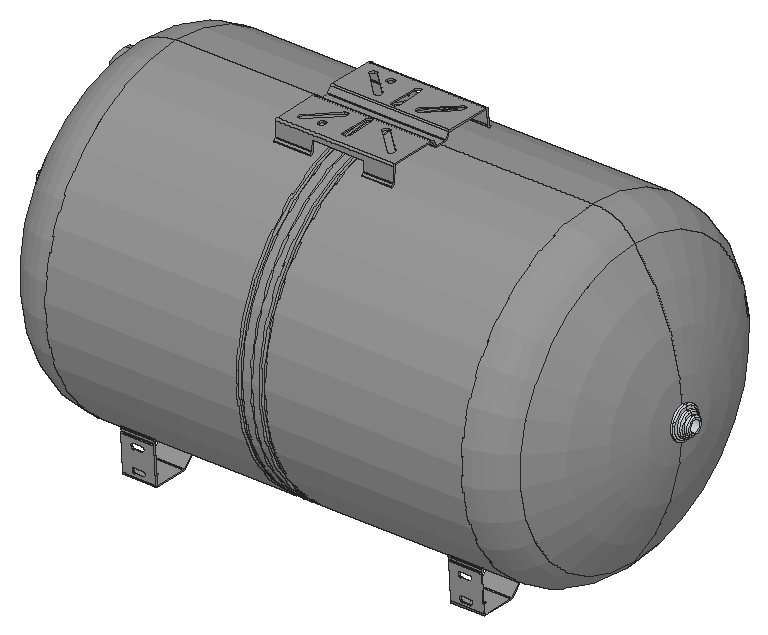
Revit family "WAO 150", category Оборудование, Revit 2014
Parameters
  Описание = "Мембранный бак для водоснабжения V=150л, Py=10бар, 1\""
  Материал крышки = Черная резина
  Материал = Синяя краска
  Масса кг = "21.5"
  Крышка [instance] = yes
  Комментарии к типоразмеру = "WAO 150"
  Изготовитель = "WESTER"  # constant formula
  URL = "http://www.wester.su/"
Reference planes
  plane 1 "По центру (Вперед/Назад)": y = 0
  plane 2: z = 0
  plane 3 "По центру (Влево/Вправо)": x = 0
  plane 4: z = 260
Forms (mm)
  Revolve 1, solid, material "Синяя краска" <- "Материал"
    sketch origin (0, 0, 39.5) x (1, 0, 0) y (0, 0, 1)
      loop
        line (317.964, 467.986) -> (20.716, 467.986)
        arc (20.716, 467.986) -> (19.238, 467.601) -> (18.135, 466.545) r 3.031
        arc (18.135, 466.545) -> (15.99, 465.355) -> (13.844, 466.545) r 2.53
        arc (13.844, 466.545) -> (12.73, 467.602) -> (11.244, 467.986) r 3.066
        line (11.244, 467.986) -> (1.099, 467.986)
        arc (1.099, 467.986) -> (0.048, 468.373) -> (-1.004, 467.986) r 1.624
        line (-1.004, 467.986) -> (-13.274, 467.986)
        arc (-13.274, 467.986) -> (-14.758, 467.599) -> (-15.863, 466.536) r 3.037
        arc (-15.863, 466.536) -> (-18.015, 465.322) -> (-20.168, 466.536) r 2.516
        arc (-20.168, 466.536) -> (-21.264, 467.599) -> (-22.741, 467.986) r 3.007
        line (-22.741, 467.986) -> (-311.453, 467.986)
        arc (-311.453, 467.986) -> (-346.296, 459.995) -> (-374.173, 437.617) r 79.952
        arc (-374.173, 437.617) -> (-418.959, 363.824) -> (-444.348, 281.322) r 350.458
        line (-444.348, 281.322) -> (-457.655, 268.015) -> (-457.655, 220.5) -> (455.389, 220.5)
        arc (455.389, 220.5) -> (435.87, 334.259) -> (381.769, 436.215) r 364.586
        arc (381.769, 436.215) -> (353.602, 459.604) -> (317.964, 467.986) r 79.955
      axis (-457.655, 220.5) -> (455.389, 220.5)
    angle from 0 to 360
  Revolve 2, solid
    sketch origin (-230.71, 0, 98.449) x (1, 0, 0) y (0, 0, 1)
      loop
        line (-267.445, 175.601) -> (-267.445, 174.782) -> (-239.445, 174.782) -> (-239.445, 161.5) -> (-226.945, 161.5) -> (-226.945, 231.551) -> (-228.445, 231.551) -> (-228.445, 235.304) -> (-235.411, 234.694)
        arc (-235.411, 234.694) -> (-238.29, 233.199) -> (-239.445, 230.167) r 4.557
        line (-239.445, 230.167) -> (-239.445, 209.701) -> (-235.342, 197.341)
        arc (-235.342, 197.341) -> (-234.952, 195.475) -> (-235.342, 193.608) r 4.663
        line (-235.342, 193.608) -> (-239.445, 180.189) -> (-239.445, 179.405)
        arc (-239.445, 179.405) -> (-240.671, 179.079) -> (-241.484, 178.103) r 2.095
        line (-241.484, 178.103) -> (-264.942, 178.103) -> (-267.445, 175.601)
      axis (-267.445, 161.5) -> (-226.945, 161.5)
    angle from 0 to 360
  Extrusion 3, solid, material "Синяя краска" <- "Материал"
    sketch origin (0, -0.312, 206) x (0, 1, 0) y (0, 0, 1)
      loop
        line (93.539, 284.746) -> (90.184, 287.436)
        arc (90.184, 287.436) -> (89.777, 287.943) -> (89.622, 288.574) r 1.5
        line (89.622, 288.574) -> (89.161, 310.065)
        arc (89.161, 310.065) -> (88.26, 312.144) -> (86.161, 313) r 3
        line (86.161, 313) -> (16.699, 313)
        arc (16.699, 313) -> (15.22, 312.611) -> (14.126, 311.543) r 3
        line (14.126, 311.543) -> (9.437, 303.728)
        arc (9.437, 303.728) -> (8.89, 303.195) -> (8.151, 303) r 1.5
        line (8.151, 303) -> (-8.151, 303)
        arc (-8.151, 303) -> (-8.89, 303.195) -> (-9.437, 303.728) r 1.5
        line (-9.437, 303.728) -> (-14.126, 311.543)
        arc (-14.126, 311.543) -> (-15.22, 312.611) -> (-16.699, 313) r 3
        line (-16.699, 313) -> (-86.149, 313)
        arc (-86.149, 313) -> (-88.247, 312.144) -> (-89.149, 310.065) r 3
        line (-89.149, 310.065) -> (-89.621, 288.314)
        arc (-89.621, 288.314) -> (-89.775, 287.683) -> (-90.182, 287.176) r 1.5
        line (-90.182, 287.176) -> (-93.537, 284.486) -> (-92.599, 283.316) -> (-89.244, 286.006)
        arc (-89.244, 286.006) -> (-88.43, 287.019) -> (-88.121, 288.282) r 3
        line (-88.121, 288.282) -> (-87.649, 310.033)
        arc (-87.649, 310.033) -> (-87.198, 311.072) -> (-86.149, 311.5) r 1.5
        line (-86.149, 311.5) -> (-16.699, 311.5)
        arc (-16.699, 311.5) -> (-15.96, 311.305) -> (-15.412, 310.772) r 1.5
        line (-15.412, 310.772) -> (-10.723, 302.957)
        arc (-10.723, 302.957) -> (-9.629, 301.889) -> (-8.151, 301.5) r 3
        line (-8.151, 301.5) -> (8.151, 301.5)
        arc (8.151, 301.5) -> (9.629, 301.889) -> (10.723, 302.957) r 3
        line (10.723, 302.957) -> (15.412, 310.772)
        arc (15.412, 310.772) -> (15.96, 311.305) -> (16.699, 311.5) r 1.5
        line (16.699, 311.5) -> (86.161, 311.5)
        arc (86.161, 311.5) -> (87.21, 311.072) -> (87.661, 310.032) r 1.5
        line (87.661, 310.032) -> (88.123, 288.542)
        arc (88.123, 288.542) -> (88.432, 287.279) -> (89.246, 286.266) r 3
        line (89.246, 286.266) -> (92.601, 283.576) -> (93.539, 284.746)
    from -89 to 89
  Extrusion 4, void
    sketch origin (3.445, 0, 0) x (1, 0, 0) y (0, 1, 0)
      loop
        arc (-66.306, 70.639) -> (-74.084, 70.639) -> (-74.084, 62.861) r 5.5
        line (-74.084, 62.861) -> (-39.436, 28.213)
        arc (-39.436, 28.213) -> (-31.657, 28.213) -> (-31.657, 35.991) r 5.5
        line (-31.657, 35.991) -> (-66.306, 70.639)
      loop
        arc (24.768, 35.991) -> (24.768, 28.213) -> (32.546, 28.213) r 5.5
        line (32.546, 28.213) -> (67.194, 62.861)
        arc (67.194, 62.861) -> (67.194, 70.639) -> (59.416, 70.639) r 5.5
        line (59.416, 70.639) -> (24.768, 35.991)
      loop
        arc (-8.945, 25.75) -> (-3.445, 20.25) -> (2.055, 25.75) r 5.5
        line (2.055, 25.75) -> (2.055, 66.75)
        arc (2.055, 66.75) -> (-3.445, 72.25) -> (-8.945, 66.75) r 5.5
        line (-8.945, 66.75) -> (-8.945, 25.75)
      loop
        arc (-31.657, -35.991) -> (-31.657, -28.213) -> (-39.436, -28.213) r 5.5
        line (-39.436, -28.213) -> (-74.084, -62.861)
        arc (-74.084, -62.861) -> (-74.084, -70.639) -> (-66.306, -70.639) r 5.5
        line (-66.306, -70.639) -> (-31.657, -35.991)
      loop
        line (24.768, -35.991) -> (59.416, -70.639)
        arc (59.416, -70.639) -> (67.194, -70.639) -> (67.194, -62.861) r 5.5
        line (67.194, -62.861) -> (32.546, -28.213)
        arc (32.546, -28.213) -> (24.768, -28.213) -> (24.768, -35.991) r 5.5
      loop
        line (-8.945, -25.75) -> (-8.945, -66.75)
        arc (-8.945, -66.75) -> (-3.445, -72.25) -> (2.055, -66.75) r 5.5
        line (2.055, -66.75) -> (2.055, -25.75)
        arc (2.055, -25.75) -> (-3.445, -20.25) -> (-8.945, -25.75) r 5.5
      loop
        circle (-42.347, 64.994) r 5.559
      loop
        circle (-42.347, -64.994) r 5.559
    from 517.5 to 519
  Extrusion 5, void
    sketch origin (0, 0, 0) x (1, 0, 0) y (0, 1, 0)
      loop
        arc (-239.657, 125.595) -> (-235.157, 130.095) -> (-239.657, 134.595) r 4.5
        line (-239.657, 134.595) -> (-250.769, 134.595)
        arc (-250.769, 134.595) -> (-255.269, 130.095) -> (-250.769, 125.595) r 4.5
        line (-250.769, 125.595) -> (-239.657, 125.595)
      loop
        line (-250.655, -134.497) -> (-239.569, -134.497)
        arc (-239.569, -134.497) -> (-235.069, -129.997) -> (-239.569, -125.497) r 4.5
        line (-239.569, -125.497) -> (-250.655, -125.497)
        arc (-250.655, -125.497) -> (-255.155, -129.997) -> (-250.655, -134.497) r 4.5
      loop
        arc (255.347, 125.451) -> (259.847, 129.951) -> (255.347, 134.451) r 4.5
        line (255.347, 134.451) -> (244.34, 134.451)
        arc (244.34, 134.451) -> (239.84, 129.951) -> (244.34, 125.451) r 4.5
        line (244.34, 125.451) -> (255.347, 125.451)
      loop
        line (255.352, -125.561) -> (244.345, -125.561)
        arc (244.345, -125.561) -> (239.845, -130.061) -> (244.345, -134.561) r 4.5
        line (244.345, -134.561) -> (255.352, -134.561)
        arc (255.352, -134.561) -> (259.852, -130.061) -> (255.352, -125.561) r 4.5
    from 0 to 14.349
  Extrusion 6, void
    sketch origin (10.829, 0, -0.211) x (1, 0, 0) y (0, 0, 1)
      loop
        arc (-250.483, 42.509) -> (-245.983, 47.009) -> (-250.483, 51.509) r 4.5
        line (-250.483, 51.509) -> (-261.483, 51.509)
        arc (-261.483, 51.509) -> (-265.983, 47.009) -> (-261.483, 42.509) r 4.5
        line (-261.483, 42.509) -> (-250.483, 42.509)
      loop
        line (-250.483, 17.513) -> (-261.483, 17.513)
        arc (-261.483, 17.513) -> (-265.983, 13.013) -> (-261.483, 8.513) r 4.5
        line (-261.483, 8.513) -> (-250.483, 8.513)
        arc (-250.483, 8.513) -> (-245.983, 13.013) -> (-250.483, 17.513) r 4.5
      loop
        line (233.517, 8.513) -> (244.517, 8.513)
        arc (244.517, 8.513) -> (249.017, 13.013) -> (244.517, 17.513) r 4.5
        line (244.517, 17.513) -> (233.517, 17.513)
        arc (233.517, 17.513) -> (229.017, 13.013) -> (233.517, 8.513) r 4.5
      loop
        arc (244.517, 42.509) -> (249.017, 47.009) -> (244.517, 51.509) r 4.5
        line (244.517, 51.509) -> (233.517, 51.509)
        arc (233.517, 51.509) -> (229.017, 47.009) -> (233.517, 42.509) r 4.5
        line (233.517, 42.509) -> (244.517, 42.509)
    from 141.199 to 164.086
  Extrusion 7, void
    sketch origin (10.829, 0, -0.211) x (1, 0, 0) y (0, 0, -1)
      loop
        line (-250.483, -42.509) -> (-261.483, -42.509)
        arc (-261.483, -42.509) -> (-265.983, -47.009) -> (-261.483, -51.509) r 4.5
        line (-261.483, -51.509) -> (-250.483, -51.509)
        arc (-250.483, -51.509) -> (-245.983, -47.009) -> (-250.483, -42.509) r 4.5
      loop
        arc (-250.483, -17.513) -> (-245.983, -13.013) -> (-250.483, -8.513) r 4.5
        line (-250.483, -8.513) -> (-261.483, -8.513)
        arc (-261.483, -8.513) -> (-265.983, -13.013) -> (-261.483, -17.513) r 4.5
        line (-261.483, -17.513) -> (-250.483, -17.513)
      loop
        arc (233.517, -8.513) -> (229.017, -13.013) -> (233.517, -17.513) r 4.5
        line (233.517, -17.513) -> (244.517, -17.513)
        arc (244.517, -17.513) -> (249.017, -13.013) -> (244.517, -8.513) r 4.5
        line (244.517, -8.513) -> (233.517, -8.513)
      loop
        line (244.517, -42.509) -> (233.517, -42.509)
        arc (233.517, -42.509) -> (229.017, -47.009) -> (233.517, -51.509) r 4.5
        line (233.517, -51.509) -> (244.517, -51.509)
        arc (244.517, -51.509) -> (249.017, -47.009) -> (244.517, -42.509) r 4.5
    from 144.557 to 162.737
  Revolve 8, solid
    sketch origin (-117.374, 0, 465.663) x (-0.829038, 0, 0.559193) y (-0.559193, 0, -0.829038)
      loop
        line (225.528, 165.524) -> (214.055, 165.524) -> (214.055, 166.998) -> (209.555, 166.998) -> (209.555, 161.5) -> (222.75, 161.5) -> (222.75, 163.617) -> (226.555, 163.617) -> (226.555, 164.497) -> (225.528, 165.524)
      axis (209.555, 161.5) -> (226.555, 161.5)
    angle from 0 to 360
  Revolve 9, void
    sketch origin (-131.303, 0, 55.999) x (0.99863, 0, -0.052336) y (0.052336, 0, 0.99863)
      loop
        line (-269.759, 379.194) -> (-266.753, 384.401)
        arc (-266.753, 384.401) -> (-266.661, 391.419) -> (-267.82, 398.342) r 39.261
        arc (-267.82, 398.342) -> (-268.114, 401.282) -> (-267.49, 404.17) r 9.509
        arc (-267.49, 404.17) -> (-274.548, 395.291) -> (-280.803, 385.83) r 129.609
        line (-280.803, 385.83) -> (-269.759, 379.194)
      axis (-280.803, 385.83) -> (-269.759, 379.194)
    angle from 0 to 360
  Revolve 10, solid
    sketch origin (136.5, 0, 0) x (1, 0, 0) y (0, 0, 1)
      loop
        line (301.845, 262) -> (301.845, 259.949) -> (322.302, 259.949) -> (322.302, 269.312) -> (336.39, 269.312) -> (336.39, 271.214) -> (334.406, 273.198) -> (329.891, 273.198) -> (329.891, 276.16) -> (328.27, 278.475) -> (323.391, 278.475) -> (323.391, 282.089)
        arc (323.391, 282.089) -> (322.825, 283.456) -> (321.458, 284.022) r 1.933
        line (321.458, 284.022) -> (318.435, 284.022) -> (318.435, 268.66) -> (310.345, 268.66) -> (306.184, 262) -> (301.845, 262)
      axis (301.845, 259.949) -> (336.39, 259.949)
    angle from 0 to 360
  Extrusion 11, void
    sketch origin (0, 0, 0) x (0, 1, 0) y (0, 0, 1)
      loop
        line (88.933, 492.266) -> (92.288, 489.576) -> (93.227, 490.746) -> (89.871, 493.436)
        arc (89.871, 493.436) -> (89.464, 493.943) -> (89.31, 494.574) r 1.5
        line (89.31, 494.574) -> (89, 508.993) -> (87.5, 508.993) -> (87.81, 494.542)
        arc (87.81, 494.542) -> (88.119, 493.279) -> (88.933, 492.266) r 3
      loop
        line (-90.494, 493.176) -> (-93.85, 490.486) -> (-92.912, 489.316) -> (-89.556, 492.006)
        arc (-89.556, 492.006) -> (-88.742, 493.019) -> (-88.433, 494.282) r 3
        line (-88.433, 494.282) -> (-88.114, 509) -> (-89.614, 509) -> (-89.933, 494.314)
        arc (-89.933, 494.314) -> (-90.088, 493.683) -> (-90.494, 493.176) r 1.5
    from -33.655 to 44.345
  Extrusion 12, solid, material "Синяя краска" <- "Материал"
    sketch origin (0, 0, 0) x (0, 1, 0) y (0, 0, 1)
      loop
        arc (155.235, 65.072) -> (155.387, 65.638) -> (155.743, 66.102) r 1.5
        line (155.743, 66.102) -> (156.497, 66.763) -> (155.732, 67.636) -> (154.978, 66.975)
        arc (154.978, 66.975) -> (154.318, 66.161) -> (154.038, 65.151) r 2.572
        line (154.038, 65.151) -> (153.793, 61.425)
        arc (153.793, 61.425) -> (153.941, 60.513) -> (154.357, 59.688) r 3.02
        arc (154.357, 59.688) -> (154.576, 59.226) -> (154.617, 58.717) r 1.428
        line (154.617, 58.717) -> (150.995, 3.536)
        arc (150.995, 3.536) -> (150.209, 1.875) -> (148.5, 1.2) r 2.5
        line (148.5, 1.2) -> (100.187, 1.2)
        arc (100.187, 1.2) -> (99.238, 1.387) -> (98.431, 1.92) r 2.5
        line (98.431, 1.92) -> (81.601, 18.511)
        arc (81.601, 18.511) -> (81.307, 18.929) -> (81.176, 19.423) r 1.442
        arc (81.176, 19.423) -> (80.986, 20.227) -> (80.564, 20.938) r 2.731
        line (80.564, 20.938) -> (77.914, 23.551)
        arc (77.914, 23.551) -> (76.697, 24.215) -> (75.31, 24.197) r 2.737
        line (75.31, 24.197) -> (74.364, 23.936) -> (74.673, 22.813) -> (75.62, 23.074)
        arc (75.62, 23.074) -> (76.396, 23.08) -> (77.071, 22.696) r 1.5
        line (77.071, 22.696) -> (79.547, 20.256)
        arc (79.547, 20.256) -> (79.848, 19.828) -> (79.982, 19.323) r 1.475
        arc (79.982, 19.323) -> (80.22, 18.42) -> (80.759, 17.657) r 2.636
        line (80.759, 17.657) -> (97.589, 1.065)
        arc (97.589, 1.065) -> (98.783, 0.277) -> (100.187, 0) r 3.7
        line (100.187, 0) -> (148.5, 0)
        arc (148.5, 0) -> (151.029, 0.999) -> (152.192, 3.458) r 3.7
        line (152.192, 3.458) -> (155.817, 58.676)
        arc (155.817, 58.676) -> (155.754, 59.603) -> (155.288, 60.406) r 2.049
        arc (155.288, 60.406) -> (155.057, 60.955) -> (155.004, 61.548) r 1.929
        line (155.004, 61.548) -> (155.235, 65.072)
      loop
        line (-155.235, 65.072) -> (-155.004, 61.548)
        arc (-155.004, 61.548) -> (-155.057, 60.955) -> (-155.288, 60.406) r 1.929
        arc (-155.288, 60.406) -> (-155.754, 59.603) -> (-155.817, 58.676) r 2.049
        line (-155.817, 58.676) -> (-152.192, 3.458)
        arc (-152.192, 3.458) -> (-151.029, 0.999) -> (-148.5, 0) r 3.7
        line (-148.5, 0) -> (-100.187, 0)
        arc (-100.187, 0) -> (-98.783, 0.277) -> (-97.589, 1.065) r 3.7
        line (-97.589, 1.065) -> (-80.759, 17.657)
        arc (-80.759, 17.657) -> (-80.22, 18.42) -> (-79.982, 19.323) r 2.636
        arc (-79.982, 19.323) -> (-79.848, 19.828) -> (-79.547, 20.256) r 1.475
        line (-79.547, 20.256) -> (-77.071, 22.696)
        arc (-77.071, 22.696) -> (-76.396, 23.08) -> (-75.62, 23.074) r 1.5
        line (-75.62, 23.074) -> (-74.673, 22.813) -> (-74.364, 23.936) -> (-75.31, 24.197)
        arc (-75.31, 24.197) -> (-76.697, 24.215) -> (-77.914, 23.551) r 2.737
        line (-77.914, 23.551) -> (-80.564, 20.938)
        arc (-80.564, 20.938) -> (-80.986, 20.227) -> (-81.176, 19.423) r 2.731
        arc (-81.176, 19.423) -> (-81.307, 18.929) -> (-81.601, 18.511) r 1.442
        line (-81.601, 18.511) -> (-98.431, 1.92)
        arc (-98.431, 1.92) -> (-99.238, 1.387) -> (-100.187, 1.2) r 2.5
        line (-100.187, 1.2) -> (-148.5, 1.2)
        arc (-148.5, 1.2) -> (-150.209, 1.875) -> (-150.995, 3.536) r 2.5
        line (-150.995, 3.536) -> (-154.617, 58.717)
        arc (-154.617, 58.717) -> (-154.576, 59.226) -> (-154.357, 59.688) r 1.428
        arc (-154.357, 59.688) -> (-153.941, 60.513) -> (-153.793, 61.425) r 3.02
        line (-153.793, 61.425) -> (-154.038, 65.151)
        arc (-154.038, 65.151) -> (-154.318, 66.161) -> (-154.978, 66.975) r 2.572
        line (-154.978, 66.975) -> (-155.732, 67.636) -> (-156.497, 66.763) -> (-155.743, 66.102)
        arc (-155.743, 66.102) -> (-155.387, 65.638) -> (-155.235, 65.072) r 1.5
    from 224.845 to 274.845
  Extrusion 13, solid, material "Синяя краска" <- "Материал"
    sketch origin (0, 0, 0) x (0, 1, 0) y (0, 0, -1)
      loop
        line (155.235, -65.072) -> (155.004, -61.548)
        arc (155.004, -61.548) -> (155.057, -60.955) -> (155.288, -60.406) r 1.929
        arc (155.288, -60.406) -> (155.754, -59.603) -> (155.817, -58.676) r 2.049
        line (155.817, -58.676) -> (152.192, -3.458)
        arc (152.192, -3.458) -> (151.029, -0.999) -> (148.5, 0) r 3.7
        line (148.5, 0) -> (100.187, 0)
        arc (100.187, 0) -> (98.783, -0.277) -> (97.589, -1.065) r 3.7
        line (97.589, -1.065) -> (80.759, -17.657)
        arc (80.759, -17.657) -> (80.22, -18.42) -> (79.982, -19.323) r 2.636
        arc (79.982, -19.323) -> (79.848, -19.828) -> (79.547, -20.256) r 1.475
        line (79.547, -20.256) -> (77.071, -22.696)
        arc (77.071, -22.696) -> (76.396, -23.08) -> (75.62, -23.074) r 1.5
        line (75.62, -23.074) -> (74.673, -22.813) -> (74.364, -23.936) -> (75.31, -24.197)
        arc (75.31, -24.197) -> (76.697, -24.215) -> (77.914, -23.551) r 2.737
        line (77.914, -23.551) -> (80.564, -20.938)
        arc (80.564, -20.938) -> (80.986, -20.227) -> (81.176, -19.423) r 2.731
        arc (81.176, -19.423) -> (81.307, -18.929) -> (81.601, -18.511) r 1.442
        line (81.601, -18.511) -> (98.431, -1.92)
        arc (98.431, -1.92) -> (99.238, -1.387) -> (100.187, -1.2) r 2.5
        line (100.187, -1.2) -> (148.5, -1.2)
        arc (148.5, -1.2) -> (150.209, -1.875) -> (150.995, -3.536) r 2.5
        line (150.995, -3.536) -> (154.617, -58.717)
        arc (154.617, -58.717) -> (154.576, -59.226) -> (154.357, -59.688) r 1.428
        arc (154.357, -59.688) -> (153.941, -60.513) -> (153.793, -61.425) r 3.02
        line (153.793, -61.425) -> (154.038, -65.151)
        arc (154.038, -65.151) -> (154.318, -66.161) -> (154.978, -66.975) r 2.572
        line (154.978, -66.975) -> (155.732, -67.636) -> (156.497, -66.763) -> (155.743, -66.102)
        arc (155.743, -66.102) -> (155.387, -65.638) -> (155.235, -65.072) r 1.5
      loop
        arc (-155.235, -65.072) -> (-155.387, -65.638) -> (-155.743, -66.102) r 1.5
        line (-155.743, -66.102) -> (-156.497, -66.763) -> (-155.732, -67.636) -> (-154.978, -66.975)
        arc (-154.978, -66.975) -> (-154.318, -66.161) -> (-154.038, -65.151) r 2.572
        line (-154.038, -65.151) -> (-153.793, -61.425)
        arc (-153.793, -61.425) -> (-153.941, -60.513) -> (-154.357, -59.688) r 3.02
        arc (-154.357, -59.688) -> (-154.576, -59.226) -> (-154.617, -58.717) r 1.428
        line (-154.617, -58.717) -> (-150.995, -3.536)
        arc (-150.995, -3.536) -> (-150.209, -1.875) -> (-148.5, -1.2) r 2.5
        line (-148.5, -1.2) -> (-100.187, -1.2)
        arc (-100.187, -1.2) -> (-99.238, -1.387) -> (-98.431, -1.92) r 2.5
        line (-98.431, -1.92) -> (-81.601, -18.511)
        arc (-81.601, -18.511) -> (-81.307, -18.929) -> (-81.176, -19.423) r 1.442
        arc (-81.176, -19.423) -> (-80.986, -20.227) -> (-80.564, -20.938) r 2.731
        line (-80.564, -20.938) -> (-77.914, -23.551)
        arc (-77.914, -23.551) -> (-76.697, -24.215) -> (-75.31, -24.197) r 2.737
        line (-75.31, -24.197) -> (-74.364, -23.936) -> (-74.673, -22.813) -> (-75.62, -23.074)
        arc (-75.62, -23.074) -> (-76.396, -23.08) -> (-77.071, -22.696) r 1.5
        line (-77.071, -22.696) -> (-79.547, -20.256)
        arc (-79.547, -20.256) -> (-79.848, -19.828) -> (-79.982, -19.323) r 1.475
        arc (-79.982, -19.323) -> (-80.22, -18.42) -> (-80.759, -17.657) r 2.636
        line (-80.759, -17.657) -> (-97.589, -1.065)
        arc (-97.589, -1.065) -> (-98.783, -0.277) -> (-100.187, 0) r 3.7
        line (-100.187, 0) -> (-148.5, 0)
        arc (-148.5, 0) -> (-151.029, -0.999) -> (-152.192, -3.458) r 3.7
        line (-152.192, -3.458) -> (-155.817, -58.676)
        arc (-155.817, -58.676) -> (-155.754, -59.603) -> (-155.288, -60.406) r 2.049
        arc (-155.288, -60.406) -> (-155.057, -60.955) -> (-155.004, -61.548) r 1.929
        line (-155.004, -61.548) -> (-155.235, -65.072)
    from 220.155 to 270.155
  Revolve 14, solid, material "Черная резина" <- "Материал крышки", visible <- "Крышка"
    sketch origin (0, 0, 0) x (1, 0, 0) y (0, 0, 1)
      loop
        line (-380.934, 448.85) -> (-377.572, 453.834) -> (-378.2, 471.825) -> (-387.51, 471.825) -> (-396.105, 459.082) -> (-380.934, 448.85)
      axis (-396.105, 459.082) -> (-380.934, 448.85)
    angle from 0 to 360
Cuts and joins
  Extrusion 4, Extrusion 11 cuts Extrusion 3
  Revolve 9 cuts Revolve 1
  Extrusion 5, Extrusion 6, Extrusion 7 cuts Extrusion 13
  Extrusion 5, Extrusion 6, Extrusion 7 cuts Extrusion 12
Dimensions and locks
  aligned and locked: level to plane 2
  aligned and locked: Extrusion 11 sketch curve to cut or joined group of Extrusion 3, Extrusion 4, Extrusion 11  (x12)
  aligned and locked: cut or joined group of Extrusion 3, Extrusion 4, Extrusion 11 to Extrusion 11 sketch curve  (x2)
Nested families
  nested 1: "Болт" at (-470.155, -51.954, 290) x (0, -0.5, 0.866) z (-1, 0, 0), type "Болт"
  nested 2: "Болт" at (-470.155, 51.958, 289.993) x (0, -0.5, 0.866) z (-1, 0, 0), type "Болт"
  nested 3: "Болт" at (-470.155, 51.954, 230) x (0, -0.5, 0.866) z (-1, 0, 0), type "Болт"
  nested 4: "Болт" at (-470.155, 0, 319.993) x (0, -1, 0) z (-1, 0, 0), type "Болт"
  nested 5: "Болт" at (-470.155, 0, 200.007) x (0, -1, 0) z (-1, 0, 0), type "Болт"
  nested 6: "Болт" at (-470.155, -51.958, 230.007) x (0, -1, 0) z (-1, 0, 0), type "Болт"
Connectors
  piping at (-498.155, 0, 259.949), diameter 25
    settings: on Revolve 2, index 1, connector inside diameter 609.6 mm, connector length 0 mm, flow factor 0, pipe flow 0.0 L/s, pressure drop 0.0 Pa, fitting loss kfactor 0, connector angle 0.00°, fixture units 0, engagement length 0 mm, angle of deflection 0.00°, flow configuration 1, flow direction 0, fitting loss method 0, system type 29, joint type 0, gender type 0, connector reference index -1, connector utility 0, adjustable connector no, is connector primary yes, connector description ""
Definition of nested family "Болт"
  Parameters (values of type "Болт")
    Default Elevation = 1219.2 mm
  Reference planes
    plane 1 "По центру (Вперед/Назад)": y = 0
    plane 2: z = 0
    plane 3 "По центру (Влево/Вправо)": x = 0
  Forms (mm)
    Extrusion 1, solid
      sketch origin (0, 0, 0) x (1, 0, 0) y (0, 1, 0)
        loop
          line (-1219.2, 1219.2) -> (-1219.2, -1219.2) -> (1219.2, -1219.2) -> (1219.2, 1219.2) -> (-1219.2, 1219.2)
      from 0 to -304.8
    Extrusion 2, solid, detail levels medium+fine
      sketch origin (0, 0, 0) x (0, 1, 0) y (-1, 0, 0)
        loop
          line (-6.5, -3.753) -> (0, -7.506) -> (6.5, -3.753) -> (6.5, 3.753) -> (0, 7.506) -> (-6.5, 3.753) -> (-6.5, -3.753)
      from 0 to 5.3
    Extrusion 3, solid, detail levels medium+fine
      sketch origin (0, 0, 0) x (1, 0, 0) y (0, 1, 0)
        loop
          circle (0, 0) r 4
      from -14 to 0
    Revolve 4, void
      sketch origin (0, 0, 0) x (1, 0, 0) y (0, 0, 1)
        loop
          line (-7.506, 4.447) -> (-6.413, 5.3) -> (-7.506, 5.3) -> (-7.506, 4.447)
        axis (0, 5.3) -> (0, 4.3)
      angle from 0 to 360
    Revolve 5, void
      sketch origin (0, 0, 0) x (1, 0, 0) y (0, 0, 1)
        loop
          line (-4, -14) -> (-2.365, -14) -> (-4, -12.365) -> (-4, -14)
        axis (0, -12.365) -> (0, -14)
      angle from 0 to 360
  Cuts and joins
    Revolve 4 cuts Extrusion 2
    Revolve 5 cuts Extrusion 3
    joined: Extrusion 2, Extrusion 3
  Dimensions and locks
    aligned and locked: plane 2 to Extrusion 1
    aligned and locked: level to Extrusion 1
    aligned and locked: Revolve 4 sketch curve to plane 3 "По центру (Влево/Вправо)"
    aligned and locked: cut or joined group of Extrusion 2, Extrusion 3, Revolve 4, Revolve 5 to Revolve 4 sketch curve
